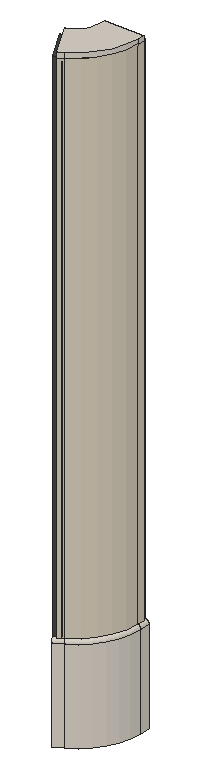
Revit family
Parameters (values of type "32"H 2-Way")
  URL = "http://www.hermanmiller.com/"
  Type Comments = ""
  Trim/Top Cap Finish [instance] = Herman Miller - Finish WL Sandstone
  Surface Finish [instance] = Herman Miller - System Fabric 2I03 Grasscloth Sedge
  Product Documentation Link = "http://www.hermanmiller.com/actionoffice/"
  OmniClass Title = "Systems Furniture"  # constant formula
  OmniClass Number = "23.40.70.14.64.21"  # constant formula
  Model = "A1220.32H"
  Manufacturer = "Herman Miller, Inc."  # constant formula
  Glide Height = 0' - 0 3/8"
  Keynote = ""
  Description = "Conn 2-Way 120 Deg Thin Base Fabric 32H"
  Copyright © = "Copyright © Herman Miller, Inc."  # constant formula
  Connector Type = HermanMiller_ActionOffice_A8221_2-Way120ConnectorThinBase : 32"H 2-Way
  Connector Thickness = 0' - 2"  # constant formula
  Connector Height = 2' - 8"
  Catalog = "Action Office System (HAO)"  # constant formula
  Cable Management Finish [instance] = Herman Miller - Finish WL Sandstone
  Assembly Code = "E2020200"
Reference planes (in)
  plane 1 "Center (Front/Back)": y = 0.26824
  plane 2 "Bottom": z = 0.375
  plane 3 "Wall Left": x = -0.74609
  plane 4 "Wall Right": x = 1.25391
  plane 5 "Top": z = 32.375
  plane 6 "Back": y = 2.07679
  plane 7 "Center Left/Right": x = 0.25391
  plane 8 "Base Top": z = 5.375
  plane 9 "Left": x = -2.0256
  plane 10 "Front": y = -1.8647
  plane 11 "Right": x = 2.5256
  plane 12 "Left Offset": x = -2.79869
  plane 13 "Right Offset": x = 3.3065
  plane 14 "Left Reference Line": x = -3.52814
  plane 15 "Right Reference Line": x = 4.02814
  plane 16 "Front Offset": y = -3.2037
  plane 17 "Right Face Right": through (2.27756, 0.3007, 48) normal (0.5, 0.866, 0)
  plane 18 "Right Face Left": through (1.27756, -1.43136, 48) normal (0.5, 0.866, 0)
  plane 19 "Left Face Left": through (-1.76956, 0.30037, 48) normal (0.5, -0.866, 0)
  plane 20 "Left Face Right": through (-0.76956, -1.43168, 48) normal (0.5, -0.866, 0)
Lines and regions (in)
  reference lines
    curve 1: line (-2.79685, 2.0757, 0.375) -> (0.25391, -3.20835, 0.375)
    curve 2: line (0.25391, -3.20835, 0.375) -> (3.30429, 2.07506, 0.375)
    curve 3: line (-3.55122, -1.88297, 0.375) -> (3.30429, 2.07506, 0.375)
    curve 4: line (-2.79685, 2.0757, 0.375) -> (4.02415, -1.8624, 0.375)
Dimensions and locks (in)
  equal spacing: plane 3 "Wall Left", plane 7 "Center Left/Right", plane 4 "Wall Right"
  "Connector Thickness": plane 3 "Wall Left" to plane 4 "Wall Right"
  locked: plane 9 "Left" to plane 3 "Wall Left" at 1.27951
  locked: plane 8 "Base Top" to plane 2 "Bottom" at 5
  "Connector Height": plane 5 "Top" to plane 2 "Bottom"
  "Glide Height": plane 2 "Bottom" to level
  locked: plane 10 "Front" to plane 6 "Back" at 3.94149
  locked: plane 10 "Front" to plane 1 "Center (Front/Back)" at 2.13294
  locked: plane 4 "Wall Right" to plane 11 "Right" at 1.2717
  locked: plane 10 "Front" to plane 16 "Front Offset" at 1.339
  locked: plane 14 "Left Reference Line" to plane 12 "Left Offset" at 0.72945
  locked: plane 12 "Left Offset" to plane 9 "Left" at 0.77309
  locked: plane 13 "Right Offset" to plane 15 "Right Reference Line" at 0.72163
  locked: plane 11 "Right" to plane 13 "Right Offset" at 0.7809
  locked: plane 17 "Right Face Right" to plane 18 "Right Face Left" at 2
  equal spacing: plane 17 "Right Face Right", curve 4, plane 18 "Right Face Left"
  locked: plane 19 "Left Face Left" to plane 20 "Left Face Right" at 2
  equal spacing: plane 19 "Left Face Left", curve 3, plane 20 "Left Face Right"
  locked: plane 16 "Front Offset" to curve 2 (angle 60.00°)
  locked: curve 4 to plane 10 "Front" (angle 30.00°)
  locked: curve 1 to plane 16 "Front Offset" (angle 60.00°)
  locked: plane 10 "Front" to curve 3 (angle 30.00°)
  locked: plane 17 "Right Face Right" to plane 1 "Center (Front/Back)" (angle 30.00°)
  locked: plane 18 "Right Face Left" to plane 10 "Front" (angle 30.00°)
  aligned and locked: plane 7 "Center Left/Right" to nested 1
Automatic sketch dimensions
  plane 14 "Left Reference Line" to curve 3 = 0' - 0.02308"
  curve 2 to plane 7 "Center Left/Right" = 0' - 0"
Nested families (in)
  nested 1: "HermanMiller_ActionOffice_A8221_2-Way120ConnectorThinBase" at (1.19135, -0.00019, 0), type <- "Connector Type", type "32"H 2-Way"
Definition of nested family "HermanMiller_ActionOffice_A8221_2-Way120ConnectorThinBase"
  Parameters (values of type "32"H 2-Way")
    URL = "http://www.hermanmiller.com/"
    Type Comments = ""
    Trim/Top Cap Finish = Herman Miller - Finish WL Sandstone
    Surface Finish = Herman Miller - System Fabric 2I03 Grasscloth Sedge
    Product Documentation Link = "http://www.hermanmiller.com/actionoffice/"
    OmniClass Title = "Systems Furniture"  # constant formula
    OmniClass Code = "23.40.70.14.64.21"  # constant formula
    Model = "A1220.32H"
    Manufacturer = "Herman Miller, Inc."  # constant formula
    Glide Height = 0' - 0 3/8"
    Keynote = " "
    Description = "Conn 2-Way 120 Deg Thin Base Fabric 32H"
    Copyright © = "Copyright © Herman Miller, Inc."  # constant formula
    Connector Thickness = 0' - 2"  # constant formula
    Connector Height = 2' - 8"
    Catalog = "Action Office System (HAO)"  # constant formula
    Cable Management Finish = Herman Miller - Finish WL Sandstone
    Assembly Code = "E2020200"
  Reference planes (in)
    plane 1 "Center (Front/Back)": y = 0.26843
    plane 2 "Bottom": z = 0
    plane 3 "Center (Left/Right)": x = -0.93744
    plane 4 "Top": z = 32.375
    plane 5 "Offset Bottom": z = 0.375
    plane 6 "Base Top": z = 5.375
    plane 7 "Left": through (-1.66813, -1.94258, 48) normal (-0.866, -0.5, 0)
    plane 8 "Back": y = 2.07679
    plane 9 "Arc Center 1": through (-2.32015, -0.48419, 48) normal (-0.5, 0.866, 0)
    plane 10 "Main Frame Back": y = 1.88929
    plane 11 "Offset Trim Back": y = 1.70179
    plane 12 "Offset Base Top": z = 5.15625
    plane 13 "Offset Left": through (-1.50576, -1.84883, 48) normal (-0.866, -0.5, 0)
    plane 14 "Offset Left1": through (-1.34337, -1.75508, 48) normal (-0.866, -0.5, 0)
    plane 15 "Base Left": x = -3.0256
    plane 16 "Base Right": x = 0.18751
    plane 17 "Main Frame Right": x = 0.06253
    plane 18 "Main Frame Left": x = -2.80071
    plane 19 "Offset Main Frame1": x = -1.80074
    plane 20 "Offset Main Frame Left3": x = -2.06249
    plane 21 "Offset Base Left1": x = -1.99435
    plane 22 "Base Back": x = -1.93742
    plane 23 "Back Reveal Left": x = -1.87499
    plane 24 "Offset Main Frame Front": y = 0.34
    plane 25 "Offset Main Frame Right": y = 0.40863
    plane 26 "Trim Right": y = 0.24625
    plane 27 "Front Frame Right": y = -1.3379
    plane 28 "Front": y = -1.53993
    plane 29 "Front Reveal Right": y = -1.37755
    plane 30 "Offset Base Left": x = -2.93185
    plane 31 "Center Arc": through (-3.98871, 2.07679, 48) normal (0.5, 0.866, 0)
    plane 32: z = 32.125
    plane 33 "Back Reveal Right": x = 0.00001
    plane 34 "Back Left Cable Management": x = -2.06249
    plane 35 "Frame Front Left": y = 0.39411
    plane 36 "Front Reveal Back Right": y = -1.19005
    plane 37 "Front Reveal Back Left": y = 0.43375
    plane 38 "Body Front Inset": y = 0.56156
    plane 39: x = -2.51067
    plane 40: y = -1.14913
    plane 41 "Body Front Right": x = -1.5107
    plane 42 "Body Back Offset": y = 1.55335
    plane 43: through (-1.21571, -1.68138, 48) normal (-0.866, -0.5, 0)
    plane 44: through (-2.88265, 0.49009, 48) normal (-0.5, 0.866, 0)
    plane 45: through (-1.75765, -1.45847, 48) normal (-0.5, 0.866, 0)
    plane 46: through (-2.82015, 0.38183, 48) normal (-0.5, 0.866, 0)
    plane 47: through (-1.82015, -1.35022, 48) normal (-0.5, 0.866, 0)
    plane 48: through (-1.8514, -1.29609, 48) normal (-0.5, 0.866, 0)
    plane 49: through (-2.7889, 0.32771, 48) normal (-0.5, 0.866, 0)
  Forms (in)
    Extrusion 1, solid, material "Herman Miller - Finish BK Black", detail levels medium+fine
      sketch origin (0, 0, 5.375) x (0, -1, 0) y (1, 0, 0)
        loop
          line (-1.70179, -1.87499) -> (-1.70179, 0.00001) -> (-2.07679, 0.00001) -> (-2.07679, -1.87499) -> (-1.70179, -1.87499)
        loop
          line (-0.43298, -2.60665) -> (-0.24548, -2.93141) -> (1.36478, -2.00172) -> (1.17728, -1.67696) -> (-0.43298, -2.60665)
      from 0 to 26.75
    Extrusion 2, solid, material "Herman Miller - System Fabric 2I03 Grasscloth Sedge" <- "Surface Finish"
      sketch origin (0, 0, 5.375) x (0, -1, 0) y (1, 0, 0)
        loop
          line (1.3379, -1.80074) -> (1.17045, -1.5107)
          arc (1.17045, -1.5107) -> (0.01925, -0.3593) -> (-1.55335, 0.06253) r 3.14646
          line (-1.55335, 0.06253) -> (-1.88929, 0.06253) -> (-1.88929, -1.93742) -> (-1.55335, -1.93742)
          arc (-1.55335, -1.93742) -> (-0.98073, -2.0913) -> (-0.56156, -2.51067) r 1.14651
          line (-0.56156, -2.51067) -> (-0.39411, -2.80071) -> (1.3379, -1.80074)
      from 0 to 26.75
    Sweep 3, solid, material "Herman Miller - Finish WL Sandstone" <- "Cable Management Finish"
      path origin (-0.00044, 0.00077, 5.375) x (0, -1, 0) y (1, 0, 0)
        loop
          line (0.56723, -2.46219) -> (0.30602, -2.00977)
          arc (0.30602, -2.00977) -> (-0.47952, -1.22432) -> (-1.55258, -0.937) r 2.14555
          line (-1.55258, -0.937) -> (-2.07679, -0.937)
      profile origin (-0.93744, 1.81545, 5.375) x (-1, 0, 0) y (0, 0, 1)
        loop
          arc (-0.93745, 0) -> (-1.07166, -0.07469) -> (-1.12495, -0.21875) r 0.22135
          line (-1.12495, -0.21875) -> (-1.12495, -5) -> (1.12505, -5) -> (1.12505, -0.21875)
          arc (1.12505, -0.21875) -> (1.07176, -0.07469) -> (0.93755, 0) r 0.22135
          line (0.93755, 0) -> (-0.93745, 0)
    Extrusion 4, solid, material "Herman Miller - Finish WL Sandstone" <- "Trim/Top Cap Finish", detail levels medium+fine
      sketch origin (0, 0, 5.375) x (0, -1, 0) y (1, 0, 0)
        loop
          arc (-1.55334, -1.93742) -> (-0.98106, -2.09076) -> (-0.56212, -2.50971) r 1.14457
          line (-0.56212, -2.50971) -> (-0.39411, -2.80071) -> (1.3379, -1.80074) -> (1.17045, -1.5107)
          arc (1.17045, -1.5107) -> (-0.00847, -0.39483) -> (-1.56598, 0.06253) r 3.469
          line (-1.56598, 0.06253) -> (-1.88929, 0.06253) -> (-1.88929, -1.93742) -> (-1.55334, -1.93742)
      from 26.75 to 27
  Lines and regions (in)
    Masking region 1, detail levels medium+fine
      outline origin (0, 0, 5.375) x (0, -1, 0) y (1, 0, 0)
        loop
          line (-0.66902, -2.57272) -> (-0.40782, -3.02513) -> (-0.29957, -2.96263) -> (-0.56077, -2.51022)
          arc (-0.56077, -2.51022) -> (-0.98029, -2.09078) -> (-1.55335, -1.93742) r 1.1456
          line (-1.55335, -1.93742) -> (-2.07679, -1.93742) -> (-2.07679, -2.06249) -> (-1.55335, -2.06249)
          arc (-1.55335, -2.06249) -> (-1.04279, -2.19906) -> (-0.66902, -2.57272) r 1.02045
        loop
          line (-1.55335, 0.18751) -> (-2.07679, 0.18751) -> (-2.07679, 0.06253) -> (-1.55335, 0.06253)
          arc (-1.55335, 0.06253) -> (0.01964, -0.35888) -> (1.17128, -1.51022) r 3.14645
          line (1.17128, -1.51022) -> (1.43248, -1.96263) -> (1.54074, -1.90013) -> (1.27953, -1.44772)
          arc (1.27953, -1.44772) -> (0.08213, -0.25064) -> (-1.55335, 0.18751) r 3.27147
    Masking region 2
      outline origin (0, 0, 5.375) x (0, -1, 0) y (1, 0, 0)
        loop
          arc (-1.55335, -1.93742) -> (-0.98029, -2.09078) -> (-0.56077, -2.51022) r 1.1456
          line (-0.56077, -2.51022) -> (-0.29957, -2.96263) -> (1.43248, -1.96263) -> (1.17128, -1.51022)
          arc (1.17128, -1.51022) -> (0.01964, -0.35888) -> (-1.55335, 0.06253) r 3.14645
          line (-1.55335, 0.06253) -> (-2.07679, 0.06253) -> (-2.07679, -1.93742) -> (-1.55335, -1.93742)
    Masking region 3, detail levels fine
      outline origin (0, 0, 5.375) x (0, -1, 0) y (1, 0, 0)
        loop
          line (-2.07679, -1.93742) -> (-1.88929, -1.93742) -> (-1.88929, 0.06253) -> (-2.07679, 0.06253) -> (-2.07679, -1.93742)
        loop
          line (1.43248, -1.96263) -> (1.33874, -1.80026) -> (-0.39332, -2.80025) -> (-0.29957, -2.96263) -> (1.43248, -1.96263)
    Masking region 4
      outline origin (0.18751, 0, 0) x (0, 0, -1) y (0, -1, 0)
        loop
          line (-0.375, -2.07679) -> (-0.375, 1.53993) -> (-5.15625, 1.53993)
          arc (-5.15625, 1.53993) -> (-5.28528, 1.4866) -> (-5.37247, 1.37755) r 0.27974
          line (-5.37247, 1.37755) -> (-32.375, 1.37755) -> (-32.375, -2.07679) -> (-0.375, -2.07679)
    Masking region 5
      outline origin (0, 0.26843, 0) x (1, 0, 0) y (0, 0, 1)
        loop
          line (-2.93185, 32.375) -> (-2.93185, 5.3765)
          spline (-2.93185, 5.3765) -> (-2.94191, 5.3742) -> (-2.95182, 5.37003) -> (-2.96149, 5.36403) -> (-2.97084, 5.35625) -> (-2.97979, 5.34676) -> (-2.98825, 5.33564) -> (-2.99616, 5.32299) -> (-3.00345, 5.30893) -> (-3.01004, 5.29356) -> (-3.01589, 5.27703) -> (-3.02095, 5.25948) -> (-3.02516, 5.24106)
          line (-3.02516, 5.24106) -> (-3.02516, 0.375) -> (0.18751, 0.375) -> (0.18751, 5.16406)
          arc (0.18751, 5.16406) -> (0.15258, 5.27822) -> (0.06253, 5.35659) r 0.21683
          line (0.06253, 5.35659) -> (0.06253, 32.375) -> (-2.93185, 32.375)
    symbolic lines, style "Connector", detail levels medium+fine
      curve 1: line (-0.93744, -1.37755, 32.125) -> (-0.93744, 2.07679, 32.125)
      curve 5: line (-0.93744, 0.39411, 32.125) -> (-0.93744, 0.39411, 5.375)
      curve 6: line (-0.93744, 2.07679, 5.375) -> (-0.93744, -1.37765, 5.375)
      curve 7: line (-0.93744, 0.40786, 5.24106) -> (-0.93744, 0.40786, 0.375)
      curve 8: line (-2.93185, 0.26843, 32.125) -> (0.06253, 0.26843, 32.125)
      curve 9: line (0.06253, 0.26843, 5.375) -> (-2.93922, 0.26843, 5.375)
      curve 13: arc (-1.87499, 2.07679, 5.375) -> (-2.00776, 2.07679, 5.30421) -> (-2.06249, 2.07679, 5.16406) r 0.21683
      curve 14: line (-2.06249, 2.07679, 0.375) -> (-2.06249, 2.07679, 5.16406)
      curve 15: spline (-0.93744, 0.25902, 5.375) -> (-0.93744, 0.27522, 5.37161) -> (-0.93744, 0.29111, 5.36659) -> (-0.93744, 0.30655, 5.35998) -> (-0.93744, 0.32144, 5.35183) -> (-0.93744, 0.33564, 5.34221) -> (-0.93744, 0.34907, 5.33119) -> (-0.93744, 0.3616, 5.31885) -> (-0.93744, 0.37315, 5.30529) -> (-0.93744, 0.38363, 5.29062) -> (-0.93744, 0.39296, 5.27494) -> (-0.93744, 0.40105, 5.25838) -> (-0.93744, 0.40786, 5.24106)
    symbolic lines, style "Connector", detail levels fine
      curve 2: line (-0.93744, 1.88929, 5.375) -> (-0.93744, 1.88929, 32.125)
      curve 3: line (-0.93744, 0.24625, 5.375) -> (-0.93744, 0.24625, 32.125)
      curve 4: line (-0.93744, -1.29722, 5.375) -> (-0.93744, -1.29722, 32.125)
      curve 10: line (0.00001, 2.07679, 32.125) -> (0.00001, 2.07679, 5.375)
      curve 11: line (-1.87499, 2.07679, 5.375) -> (-1.87499, 2.07679, 32.125)
      curve 12: line (-2.80071, -1.53993, 32.125) -> (-2.80071, -1.53993, 5.375)
  Dimensions and locks (in)
    locked: plane 6 "Base Top" to plane 5 "Offset Bottom" at 5
    "Glide Height": plane 5 "Offset Bottom" to plane 2 "Bottom"
    "Connector Height": plane 4 "Top" to plane 5 "Offset Bottom"
    locked: plane 6 "Base Top" to plane 12 "Offset Base Top" at 0.21875
    locked: plane 4 "Top" to plane 32 at 0.25
    locked: plane 22 "Base Back" to plane 17 "Main Frame Right" at 1.99995
    equal spacing: plane 22 "Base Back", plane 3 "Center (Left/Right)", plane 17 "Main Frame Right"
    equal spacing: plane 8 "Back", plane 1 "Center (Front/Back)", plane 28 "Front"
    locked: plane 8 "Back" to plane 28 "Front" at 3.61671
    locked: plane 29 "Front Reveal Right" to plane 28 "Front" at 0.16238
    locked: plane 27 "Front Frame Right" to plane 29 "Front Reveal Right" at 0.03964
    locked: plane 1 "Center (Front/Back)" to plane 26 "Trim Right" at 0.02218
    locked: plane 24 "Offset Main Frame Front" to plane 1 "Center (Front/Back)" at 0.07157
    locked: plane 35 "Frame Front Left" to plane 24 "Offset Main Frame Front" at 0.05411
    locked: plane 25 "Offset Main Frame Right" to plane 26 "Trim Right" at 0.16238
    locked: plane 10 "Main Frame Back" to plane 11 "Offset Trim Back" at 0.1875
    plane 8 "Back" to plane 10 "Main Frame Back" = 0' - 0 3/16"
    locked: plane 15 "Base Left" to plane 30 "Offset Base Left" at 0.09375
    locked: plane 30 "Offset Base Left" to plane 18 "Main Frame Left" at 0.13114
    plane 30 "Offset Base Left" to plane 18 "Main Frame Left" = 0' - 0.13114"
    locked: plane 18 "Main Frame Left" to plane 34 "Back Left Cable Management" at 0.73822
    locked: plane 34 "Back Left Cable Management" to plane 22 "Base Back" at 0.12507
    locked: plane 22 "Base Back" to plane 23 "Back Reveal Left" at 0.06243
    locked: plane 33 "Back Reveal Right" to plane 17 "Main Frame Right" at 0.06253
    locked: plane 36 "Front Reveal Back Right" to plane 27 "Front Frame Right" at 0.14785
    locked: plane 37 "Front Reveal Back Left" to plane 24 "Offset Main Frame Front" at 0.09375
    locked: plane 18 "Main Frame Left" to plane 39 at 0.29004
    locked: plane 38 "Body Front Inset" to plane 37 "Front Reveal Back Left" at 0.12781
    locked: plane 11 "Offset Trim Back" to plane 42 "Body Back Offset" at 0.14844
    plane 14 "Offset Left1" to plane 43 = 0' - 0.14741"
    locked: plane 17 "Main Frame Right" to plane 16 "Base Right" at 0.12498
    locked: plane 44 to plane 9 "Arc Center 1" at 1.125
    locked: plane 9 "Arc Center 1" to plane 45 at 1.125
    locked: plane 44 to plane 46 at 0.125
    locked: plane 45 to plane 47 at 0.125
    locked: plane 46 to plane 49 at 0.0625
    locked: plane 47 to plane 48 at 0.0625
    locked: plane 3 "Center (Left/Right)" to plane 7 "Left" (angle 30.00°)
    angle plane 9 "Arc Center 1" to plane 3 "Center (Left/Right)" = 60.00°
    angle plane 3 "Center (Left/Right)" to plane 13 "Offset Left" = 29.9998°
    locked: plane 3 "Center (Left/Right)" to plane 14 "Offset Left1" (angle 30.00°)
    locked: plane 8 "Back" to plane 9 "Arc Center 1" (angle 30.00°)
    locked: plane 7 "Left" to plane 8 "Back" (angle 60.00°)
    locked: plane 13 "Offset Left" to plane 8 "Back" (angle 60.0002°)
    locked: plane 14 "Offset Left1" to plane 8 "Back" (angle 60.00°)
    aligned and locked: plane 2 "Bottom" to level
    aligned and locked: Extrusion 1 sketch curve to plane 23 "Back Reveal Left"
    aligned and locked: Extrusion 1 sketch curve to plane 11 "Offset Trim Back"
    aligned and locked: Extrusion 1 sketch curve to plane 8 "Back"
    aligned and locked: plane 14 "Offset Left1" to Extrusion 1 sketch curve
    aligned and locked: plane 7 "Left" to Extrusion 1 sketch curve  (x2)
    aligned and locked: plane 35 "Frame Front Left" to Extrusion 2 sketch curve
    aligned and locked: plane 13 "Offset Left" to Extrusion 2 sketch curve  (x2)
    aligned and locked: plane 43 to Extrusion 2 sketch curve  (x2)
    aligned and locked: plane 17 "Main Frame Right" to Extrusion 2 sketch curve
    aligned and locked: Extrusion 2 sketch curve to plane 22 "Base Back"
    aligned and locked: Extrusion 2 sketch curve to plane 10 "Main Frame Back"
    aligned and locked: plane 32 to Extrusion 1
    aligned and locked: plane 32 to Extrusion 2
    aligned and locked: Sweep 3 sketch curve to plane 6 "Base Top"
    aligned and locked: Sweep 3 sketch curve to plane 5 "Offset Bottom"
    aligned and locked: Extrusion 2 to plane 6 "Base Top"
    aligned and locked: plane 17 "Main Frame Right" to Extrusion 4 sketch curve
    aligned and locked: Extrusion 4 sketch curve to plane 10 "Main Frame Back"
    aligned and locked: Extrusion 4 sketch curve to plane 13 "Offset Left"
    aligned and locked: Extrusion 4 sketch curve to Extrusion 2  (x2)
    aligned and locked: plane 4 "Top" to Extrusion 4
    aligned and locked: Extrusion 4 to plane 32
    aligned and locked: Masking region 1 sketch curve to plane 8 "Back"
    aligned and locked: Masking region 3 sketch curve to plane 8 "Back"
    aligned and locked: Masking region 3 sketch curve to plane 10 "Main Frame Back"
    aligned and locked: Masking region 3 sketch curve to plane 7 "Left"
    aligned and locked: Masking region 3 sketch curve to plane 13 "Offset Left"
    aligned and locked: plane 8 "Back" to Masking region 4 sketch curve
    aligned and locked: plane 28 "Front" to Masking region 4 sketch curve
    aligned and locked: plane 29 "Front Reveal Right" to Masking region 4 sketch curve
    aligned and locked: plane 5 "Offset Bottom" to Masking region 4 sketch curve
    aligned and locked: plane 4 "Top" to Masking region 4 sketch curve
    aligned and locked: curve 1 to Extrusion 4
    aligned and locked: plane 26 "Trim Right" to curve 3
    aligned and locked: curve 5 to Extrusion 2
    aligned and locked: Sweep 3 to curve 6
    aligned and locked: curve 7 to Sweep 3
    aligned and locked: plane 32 to curve 3
    aligned and locked: Masking region 5 sketch curve to plane 4 "Top"
    aligned and locked: Masking region 5 sketch curve to plane 30 "Offset Base Left"
    aligned and locked: plane 16 "Base Right" to Masking region 5 sketch curve
    aligned and locked: plane 17 "Main Frame Right" to Masking region 5 sketch curve
    aligned and locked: Masking region 5 sketch curve to Sweep 3
    aligned and locked: Masking region 5 sketch curve to plane 5 "Offset Bottom"
    aligned and locked: curve 8 to Extrusion 4
    aligned and locked: curve 9 to Sweep 3
    aligned and locked: curve 10 to Extrusion 1
    aligned and locked: Extrusion 1 to curve 11
    aligned and locked: curve 12 to Extrusion 2
    aligned and locked: plane 18 "Main Frame Left" to curve 12
    aligned and locked: plane 32 to curve 12
    aligned and locked: plane 29 "Front Reveal Right" to curve 1
    aligned and locked: Extrusion 1 to plane 6 "Base Top"
    aligned and locked: plane 17 "Main Frame Right" to Masking region 3
    aligned and locked: Masking region 3 sketch curve to plane 22 "Base Back"
    aligned and locked: Masking region 1 to plane 17 "Main Frame Right"
    aligned and locked: Sweep 3 to Extrusion 1
    aligned and locked: plane 42 "Body Back Offset" to Extrusion 2 sketch curve  (x2)
    aligned and locked: plane 3 "Center (Left/Right)" to Sweep 3 sketch curve
    aligned and locked: Sweep 3 sketch curve to plane 9 "Arc Center 1"
    aligned and locked: plane 43 to Masking region 1 sketch curve  (x4)
    aligned and locked: plane 42 "Body Back Offset" to Masking region 1 sketch curve  (x4)
    aligned and locked: Masking region 1 sketch curve to plane 7 "Left"  (x2)
    aligned and locked: plane 7 "Left" to Masking region 1
    aligned and locked: plane 44 to Masking region 1 sketch curve
    aligned and locked: plane 34 "Back Left Cable Management" to Masking region 1 sketch curve
    aligned and locked: plane 22 "Base Back" to Masking region 1 sketch curve
    aligned and locked: plane 16 "Base Right" to Masking region 1 sketch curve
    aligned and locked: plane 45 to Masking region 1 sketch curve
    aligned and locked: plane 47 to Masking region 1 sketch curve
    aligned and locked: plane 8 "Back" to Masking region 1 sketch curve
    aligned and locked: plane 42 "Body Back Offset" to Sweep 3 sketch curve
    aligned and locked: plane 43 to Sweep 3 sketch curve
    aligned and locked: plane 34 "Back Left Cable Management" to Sweep 3 sketch curve
    aligned and locked: Sweep 3 sketch curve to plane 16 "Base Right"
    aligned and locked: plane 12 "Offset Base Top" to Sweep 3 sketch curve  (x2)
    aligned and locked: plane 23 "Back Reveal Left" to Sweep 3 sketch curve
    aligned and locked: plane 46 to Masking region 3 sketch curve
    aligned and locked: plane 47 to Masking region 3 sketch curve
    aligned and locked: plane 17 "Main Frame Right" to Masking region 3 sketch curve
    aligned and locked: plane 7 "Left" to Masking region 2 sketch curve
    aligned and locked: Masking region 2 sketch curve to plane 47
    aligned and locked: Masking region 2 sketch curve to plane 46
    aligned and locked: Masking region 2 sketch curve to plane 17 "Main Frame Right"
    aligned and locked: Masking region 2 sketch curve to plane 22 "Base Back"
    aligned and locked: plane 42 "Body Back Offset" to Masking region 2 sketch curve  (x2)
    aligned and locked: plane 43 to Masking region 2 sketch curve  (x2)
    aligned and locked: Masking region 1 sketch curve to Masking region 2  (x2)
  Automatic sketch dimensions
    plane 21 "Offset Base Left1" to Extrusion 1 sketch curve = 0' - 0.00737"
    plane 38 "Body Front Inset" to Extrusion 4 sketch curve = 0' - 0.00056"
    Masking region 4 sketch curve to plane 12 "Offset Base Top" = 0' - 0"
    Masking region 4 sketch curve to plane 6 "Base Top" = 0' - 0.00253"
    Masking region 4 sketch curve to plane 12 "Offset Base Top" = 0' - 0.03895"
    plane 6 "Base Top" to Masking region 5 sketch curve = 0' - 0.0015"
    plane 12 "Offset Base Top" to Masking region 5 sketch curve = 0' - 0 1/256"  (x2)
    Masking region 5 sketch curve to plane 30 "Offset Base Left" = 0' - 0.00728"
    Masking region 5 sketch curve to Masking region 5 sketch curve = 0' - 0.21683"
    curve 8 to plane 32 = 0' - 0"
    curve 9 to plane 17 "Main Frame Right" = 0' - 0"
    curve 8 to plane 17 "Main Frame Right" = 0' - 0"
    curve 8 to plane 30 "Offset Base Left" = 0' - 0"
    plane 30 "Offset Base Left" to curve 9 = 0' - 0.00737"
    curve 10 to plane 6 "Base Top" = 0' - 0"
    curve 10 to plane 33 "Back Reveal Right" = 0' - 0"
    curve 11 to plane 23 "Back Reveal Left" = 0' - 0"
    curve 11 to plane 32 = 0' - 0"
    curve 10 to plane 32 = 0' - 0"
    curve 14 to plane 5 "Offset Bottom" = 0' - 0"
    Extrusion 1 sketch curve to plane 33 "Back Reveal Right" = 0' - 0"
    Extrusion 1 sketch curve to plane 37 "Front Reveal Back Left" = 0' - 0.00077"
    Extrusion 1 sketch curve to plane 26 "Trim Right" = 0' - 0.00077"
    curve 12 to plane 6 "Base Top" = 0' - 0"
    curve 5 to plane 35 "Frame Front Left" = 0' - 0"
    curve 2 to plane 10 "Main Frame Back" = 0' - 0"
    curve 1 to plane 8 "Back" = 0' - 0"
    curve 6 to plane 8 "Back" = 0' - 0"
    curve 7 to plane 5 "Offset Bottom" = 0' - 0"
    curve 15 to plane 26 "Trim Right" = 0' - 0.01261"
    plane 27 "Front Frame Right" to curve 4 = 0' - 0.04068"
    curve 6 to plane 29 "Front Reveal Right" = 0' - 0.00011"
    plane 1 "Center (Front/Back)" to curve 15 = 0' - 0.00941"
    curve 15 to plane 12 "Offset Base Top" = 0' - 0.21293"
    curve 15 to curve 3 = 0' - 0 55/256"
    Sweep 3 sketch curve to Sweep 3 sketch curve = 0' - 0 3/16"
    Masking region 5 sketch curve to plane 33 "Back Reveal Right" = 0' - 0.0293"
    plane 12 "Offset Base Top" to Masking region 5 sketch curve = 0' - 0 1/128"
    curve 13 to plane 6 "Base Top" = 0' - 0"
    plane 12 "Offset Base Top" to curve 13 = 0' - 0 1/256"
    curve 13 to curve 13 = 0' - 0.0293"
    curve 14 to plane 20 "Offset Main Frame Left3" = 0' - 0"
    Extrusion 2 sketch curve to plane 43 = 0' - 0"
    Extrusion 2 sketch curve to plane 27 "Front Frame Right" = 0' - 0"
    Extrusion 2 sketch curve to Extrusion 2 sketch curve = 0' - 0"
    plane 41 "Body Front Right" to Extrusion 2 sketch curve = 0' - 0"
    Extrusion 4 sketch curve to plane 22 "Base Back" = 0' - 0"
    Extrusion 4 sketch curve to plane 43 = 0' - 0"
    plane 11 "Offset Trim Back" to Extrusion 4 sketch curve = 0' - 0.0357"
    plane 42 "Body Back Offset" to Extrusion 4 sketch curve = 0' - 0.01264"
    Extrusion 4 sketch curve to plane 42 "Body Back Offset" = 0' - 0"
    Sweep 3 sketch curve to plane 7 "Left" = 0' - 0"
    plane 8 "Back" to Sweep 3 sketch curve = 0' - 0.00077"
    Sweep 3 sketch curve to plane 42 "Body Back Offset" = 0' - 0.0005"
    Masking region 1 sketch curve to Masking region 1 sketch curve = 0' - 0.00013"
    Masking region 2 sketch curve to plane 8 "Back" = 0' - 0"
    Masking region 2 sketch curve to plane 42 "Body Back Offset" = 0' - 0.00046"
    Masking region 1 sketch curve to plane 46 = 0' - 0"
